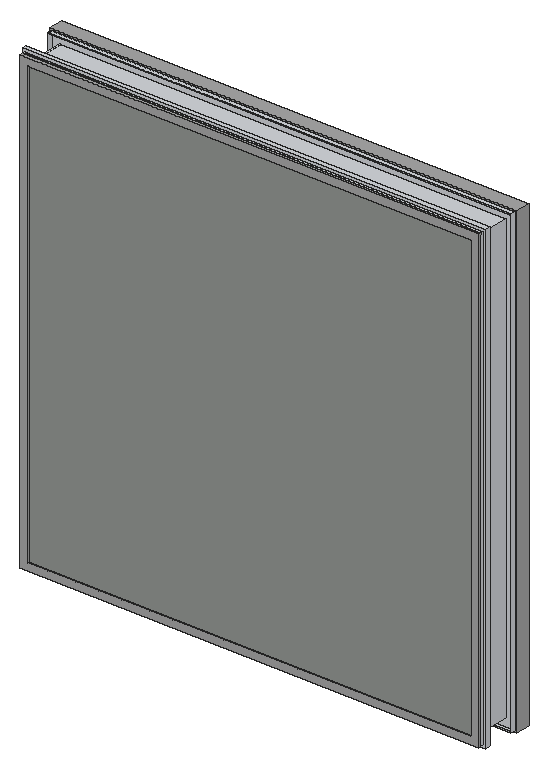
Revit family
Parameters
  Weight = "4.5 lb/sq.ft."  # constant formula
  Warranty = "All materials and workmanship are warranted for a period of 1 year from date of completion."  # constant formula
  URL = "http://www.industriallouvers.com"
  Surface Finish = "Aluminum, Anodized, or Kynar finish"  # constant formula
  Support Material = Aluminum
  Subcategory = "Adjustable and Combo"  # constant formula
  Static Pressure Loss = ""
  Specifications  URL = "http://www.industriallouvers.com/downloads/Adjustable%20&%20Combo/470_SD.doc"
  Screen Width [instance] = Louver Width - 0' 0 1/2"  # 3' - 11 1/2"
  Screen Material = Screen Material
  Screen Height [instance] = Louver Height - 0' 0 1/2" + 0' 0 9/64"  # 3' - 11 41/64"
  SMARTBIM URL = "http://www.SMARTBIM.com"
  SMARTBIM Object Version = 3  # constant formula
  SMARTBIM Object Created By = "SMARTBIM, LLC"  # constant formula
  SMARTBIM Contact = "mailto:SMARTBIM@SMARTBIM.com"
  Product Submittal URL = "http://www.industriallouvers.com/downloads/Adjustable%20&%20Combo/470_PS.pdf"
  Product Page URL = "http://www.industriallouvers.com/lv_ac.php"
  Number of Blades [instance] = (Louver Height - 0' 8 5/8") / 0' 6"  # 7
  Model = "470"  # constant formula
  Minimum Height = 1' - 0"  # constant formula
  Maximum Water Penetration = ""
  Maximum Size - Single Section [instance] = "Not to exceed 60\" x 120\" or 300 lbs"
  Material = "Aluminum"  # constant formula
  Manufacturer Toll Free Phone = "1-800-328-3421"  # constant formula
  Manufacturer Phone = "763-972-2981"  # constant formula
  Manufacturer Fax = "763-972-2911"  # constant formula
  Manufacturer Email = "mailto:ilinfo@industriallouvers.com"
  Manufacturer Address = "511 S. 7th Street, Delano, MN 55328"  # constant formula
  Manufacturer = "Industrial Louvers, Inc."  # constant formula
  Maintenance = "http://www.industriallouvers.com/prod-forms/Maintenance%20Instructions.pdf"
  Louver Width [instance] = 4' - 0"
  Louver Height [instance] = 4' - 0"
  Installation URL = "http://www.industriallouvers.com/downloads/Adjustable%20&%20Combo/470_II.pdf"
  Height [instance] = if(Louver Height < 1' 6", 1' 6", Louver Height + 0' 0 1/8")  # 4' - 0 1/8"
  Free Area for 48”x48” Louver = "42.5%"  # constant formula
  Free Area (ft²) for 48" x 48" Louver = "6.8"  # constant formula
  Frame Material = Aluminum
  Fill Material = Product Filling
  Description = "Adjustable and Combo"  # constant formula
  Depth = 0' - 4"  # constant formula
  Default Elevation = 4' - 0"
  Cost Info = "Contact Factory"  # constant formula
  CAD Drawings = "http://www.industriallouvers.com/downloads/Adjustable%20&%20Combo/470_ACD.dwg"
  Blade Width [instance] = Louver Width - 0' 2 1/8"  # 3' - 9 7/8"
  Blade Start Height [instance] = 0' 1" + (((Louver Height - Blade Region Height) / 2) / 2) - 0' 0 5/64"  # 0' - 4 51/64"
  Blade Region Height [instance] = (Blade Count) * 0' 6 1/2" - 0' 6 1/2"  # 2' - 8 1/2"
  Blade Material = Aluminum
  Blade Count [instance] = if(((Louver Height - 0' 5 1/2") / 0' 5") < 2, 2, ((Louver Height - 0' 8 5/8") / 0' 6")) - 1  # 6
  Assembly Code = "B2010300"
  95 CSI = "10200"  # constant formula
  04 CSI = "08 91 00"  # constant formula
Reference planes (in)
  plane 1 "Center (Front/Back)": y = 0
  plane 2: z = 0
  plane 3 "Center (Left/Right)": x = 0
  plane 4: x = -24.2
  plane 5 "Back of Blade": y = 2
  plane 6: z = 1.9087
  plane 7: z = 48.47554
  plane 8: z = 48.47554
  plane 9 "Back of Screen": y = 2.345
  plane 10: y = 2.47
  plane 11: y = 3.845
  plane 12 "Front of Louver": y = -2
  plane 13: z = 24.30027
  plane 14: x = -23
  plane 15: y = -2
  plane 16: z = 24.30027
  plane 17: z = 0.1587
  plane 18: z = 45.94429
  plane 19: z = 47.55027
  plane 20: x = -24
  plane 21 "Bottom": z = 0.30027
  plane 22 "Top": z = 48.30027
  plane 23: x = 24.2
  plane 24: x = 23
  plane 25: x = 24
  plane 26: y = -2.34375
Forms (in)
  Sweep 1, solid, material "Aluminum" <- "Support Material"
    path origin (0, 0, 0) x (1, 0, 0) y (0, 0, 1)
      loop
        line (-24.2, 48.47554) -> (-24.2, 0) -> (24.2, 0) -> (24.2, 48.47554) -> (-24.2, 48.47554)
    profile origin (0, 0, 48.47554) x (0, 0, 1) y (0, -1, 0)
      loop
        line (-1.5, -2.05) -> (-1.5, -2.175) -> (-0.125, -2.175) -> (-0.125, -3.55) -> (0, -3.55) -> (0, -2.05) -> (-1.5, -2.05)
  Extrusion 2, solid, material "Aluminum" <- "Blade Material"
    sketch origin (0, 0, 0) x (0, 1, 0) y (0, 0, 1)
      loop
        line (1.30242, 1.1587) -> (1.30242, 1.24335) -> (0.29557, 1.24335) -> (0.16105, 1.65303) -> (0.19145, 1.66302) -> (0.00678, 2.22547) -> (-0.101, 2.19009) -> (-0.23369, 2.71622) -> (-0.26472, 2.7084) -> (-0.1333, 2.18729) -> (0.05369, 1.61778) -> (0.08409, 1.62777) -> (0.23811, 1.1587) -> (1.30242, 1.1587)
    from -23 to 23
  Sweep 3, solid
    path origin (0, 0, 0) x (1, 0, 0) y (0, 0, 1)
      loop
        line (24, 48.30027) -> (-24, 48.30027) -> (-24, 0.1587) -> (24, 0.1587) -> (24, 48.30027)
    profile origin (0, 0, 48.30027) x (0, 0, -1) y (0, -1, 0)
      loop
        line (1, -2) -> (1, 2.00003) -> (0.25, 2.00003) -> (0.25, 1.75) -> (0, 1.75) -> (0, 1.25) -> (0.05, 1.25) -> (0.05, 1.67) -> (0.33, 1.67) -> (0.33, 1.92) -> (0.92, 1.92) -> (0.92, -1.97) -> (0.05, -1.97) -> (0.05, -1.55) -> (0, -1.55) -> (0, -2.05) -> (2, -2.05) -> (2, -2) -> (1, -2)
  Extrusion 4, solid
    sketch origin (0, 0, 0) x (0, 1, 0) y (0, 0, 1)
      loop
        line (-0.98459, 47.30027) -> (-0.17361, 45.9928) -> (-0.09004, 46.04128) -> (-0.82134, 47.22029) -> (0.20139, 47.22029) -> (0.20139, 47.30027) -> (-0.98459, 47.30027)
    from -23 to 23
  Extrusion 5, solid
    sketch origin (19.8125, 1.75927, 44.65778) x (0, 0.932051, -0.362326) y (0, -0.362326, -0.932051)
      loop
        line (16.85393, 36.21872) -> (15.92187, 36.58104) -> (1.01185, -1.77365) -> (1.9439, -2.13598) -> (16.85393, 36.21872)
    from 0 to 0.125
Dimensions and locks (in)
  locked: plane 6 to level at 1.9087
  locked: plane 11 to plane 9 "Back of Screen" at 1.5
  locked: plane 10 to plane 9 "Back of Screen" at 0.125
  locked: plane 9 "Back of Screen" to plane 5 "Back of Blade" at 0.345
  equal spacing: plane 5 "Back of Blade", plane 1 "Center (Front/Back)", plane 15
  plane 5 "Back of Blade" to plane 15 = 0' - 4"
  locked: plane 4 to plane 14 at 1.2
  locked: plane 17 to level at 0.1587
  locked: plane 7 to plane 18 at 2.53125
  equal spacing: group 1, group 3, group 4, group 5, group 6, group 2  (x3)
  locked: plane 8 to plane 19 at 0.92527
  locked: plane 4 to plane 20 at 0.2
  locked: plane 22 "Top" to plane 8 at 0.17527
  plane 21 "Bottom" to plane 6 = 0' - 1.60843"
  locked: plane 23 to plane 24 at 1.2
  locked: plane 23 to plane 25 at 0.2
  equal spacing: plane 20, plane 3 "Center (Left/Right)", plane 25
  "Louver Width": plane 20 to plane 25
  Sweep 3 sketch curve to Sweep 3 sketch curve to Sweep 3 sketch curve to Sweep 3 sketch curve to Sweep 3 sketch curve to Sweep 3 sketch curve to plane 22 "Top" = 0' - 1" locked, 0' - 0.08" locked, 0' - 0.59" locked, 0' - 0.08" locked, 0' - 0.2" locked, 0' - 0.05" locked
  equal spacing: plane 22 "Top", plane 16, plane 21 "Bottom"
  "Louver Height": plane 22 "Top" to plane 21 "Bottom"
  aligned and locked: Sweep 1 sketch curve to plane 8
  aligned and locked: Sweep 1 sketch curve to level
  aligned and locked: Sweep 1 sketch curve to plane 4
  aligned and locked: plane 3 "Center (Left/Right)" to nested 1
  aligned and locked: plane 16 to plane 13
  aligned and locked: plane 3 "Center (Left/Right)" to nested 2
  aligned and locked: plane 6 to nested 2
  aligned and locked: nested 2 to plane 5 "Back of Blade"
  aligned and locked: nested 3 to plane 5 "Back of Blade"
  aligned and locked: plane 23 to Sweep 1 sketch curve
  aligned and locked: Sweep 3 sketch curve to plane 22 "Top"
  aligned and locked: Sweep 3 sketch curve to plane 20
  aligned and locked: plane 25 to Sweep 3 sketch curve
  aligned and locked: Sweep 3 sketch curve to plane 17
  aligned and locked: Extrusion 4 to Sweep 3  (x2)
  aligned and locked: plane 22 "Top" to Sweep 3 sketch curve  (x2)
  aligned and locked: Sweep 3 sketch curve to Sweep 3 sketch curve
  aligned and locked: Extrusion 2 to plane 24
  aligned and locked: Extrusion 2 to plane 14
  aligned and locked: nested 1 to plane 15
  aligned and locked: nested 1 to plane 26
  aligned and locked: nested 1 to Sweep 3
  aligned and locked: nested 3 to Extrusion 5 sketch curve
  aligned and locked: nested 2 to Extrusion 5 sketch curve
  aligned and locked: Sweep 1 to Sweep 3
  aligned and locked: plane 18 to nested 3
  aligned and locked: plane 8 to plane 7
Automatic sketch dimensions
  profile plane to Sweep 1 sketch curve = 0' - 0"
  Sweep 1 sketch curve to Sweep 1 sketch curve = 0' - 0 1/8"  (x2)
  Sweep 1 sketch curve to Sweep 1 sketch curve = 0' - 1 3/8"  (x2)
  Sweep 1 sketch curve to plane 1 "Center (Front/Back)" = 0' - 3.55"
  Sweep 3 sketch curve to plane 1 "Center (Front/Back)" = 0' - 2.05"
  Sweep 3 sketch curve to Sweep 3 sketch curve = 0' - 0.05"
  Sweep 3 sketch curve to Sweep 3 sketch curve = 0' - 0.03"
  Sweep 3 sketch curve to Sweep 3 sketch curve = 0' - 0.42"  (x2)
  plane 1 "Center (Front/Back)" to Sweep 3 sketch curve = 0' - 1 1/4"
  Sweep 3 sketch curve to Sweep 3 sketch curve = 0' - 0.08"
  Sweep 3 sketch curve to Sweep 3 sketch curve = 0' - 0.17"
  Sweep 3 sketch curve to Sweep 3 sketch curve = 0' - 0.08003"
  Extrusion 4 sketch curve to plane 1 "Center (Front/Back)" = 0' - 0.20139"
  Extrusion 4 sketch curve to plane 19 = 0' - 0.32998"
  Extrusion 4 sketch curve to Extrusion 4 sketch curve = 0' - 0.07998"
  plane 1 "Center (Front/Back)" to Extrusion 4 sketch curve = 0' - 0.82134"
  plane 1 "Center (Front/Back)" to Extrusion 4 sketch curve = 0' - 0.09004"
  Extrusion 4 sketch curve to Extrusion 4 sketch curve = 0' - 1.17902"
  Extrusion 4 sketch curve to Extrusion 4 sketch curve = 0' - 0.16325"
  Extrusion 4 sketch curve to Extrusion 4 sketch curve = 0' - 0.08357"
  Extrusion 4 sketch curve to Extrusion 4 sketch curve = 0' - 0.04847"
  Extrusion 2 sketch curve to plane 5 "Back of Blade" = 0' - 0.69758"
  Extrusion 2 sketch curve to plane 1 "Center (Front/Back)" = 0' - 0.19145"
  Extrusion 2 sketch curve to Extrusion 2 sketch curve = 0' - 0.0304"  (x2)
  Extrusion 2 sketch curve to Extrusion 2 sketch curve = 0' - 0.07696"
  Extrusion 2 sketch curve to Extrusion 2 sketch curve = 0' - 0.15401"
  Extrusion 2 sketch curve to plane 1 "Center (Front/Back)" = 0' - 0.00678"
  Extrusion 2 sketch curve to Extrusion 2 sketch curve = 0' - 0.0323"
  plane 1 "Center (Front/Back)" to Extrusion 2 sketch curve = 0' - 0.23369"
  Extrusion 2 sketch curve to Extrusion 2 sketch curve = 0' - 0.03103"
  Extrusion 2 sketch curve to plane 21 "Bottom" = 0' - 0.85843"
  Extrusion 2 sketch curve to Extrusion 2 sketch curve = 0' - 0.00998"  (x2)
  Extrusion 2 sketch curve to Extrusion 2 sketch curve = 0' - 0.03525"
  Extrusion 2 sketch curve to Extrusion 2 sketch curve = 0' - 0.05746"
  level to Extrusion 2 sketch curve = 0' - 2.18729"
  nested 3 to Extrusion 5 sketch curve = 0' - 1.77365"
  Extrusion 5 sketch curve to Extrusion 5 sketch curve = 0' - 0.93205"
Nested families (in)
  nested 1: "Louver Screen" at (18, -2.34375, 0.40964), Width <- "Screen Width", Height <- "Screen Height", type "Louver Screen"
    with Width 3' - 11 1/2", Height 3' - 11 41/64", Depth 0' - 0 11/32"
  nested 2: "Louver-Blade_470_IndustrialLouver" at (0, 2, 1.9087), type "Louver-Blade_470_IndustrialLouver"
    with Width 3' - 9 7/8"
  nested 3: "Louver-Blade_470_IndustrialLouver" at (0, 2, 40.17478), type "Louver-Blade_470_IndustrialLouver"
    with Width 3' - 9 7/8"
  nested 4: "Louver-Blade_470_IndustrialLouver" at (0, 2, 9.56192), type "Louver-Blade_470_IndustrialLouver"
    with Width 3' - 9 7/8"
  nested 5: "Louver-Blade_470_IndustrialLouver" at (0, 2, 17.21513), type "Louver-Blade_470_IndustrialLouver"
    with Width 3' - 9 7/8"
  nested 6: "Louver-Blade_470_IndustrialLouver" at (0, 2, 24.86835), type "Louver-Blade_470_IndustrialLouver"
    with Width 3' - 9 7/8"
  nested 7: "Louver-Blade_470_IndustrialLouver" at (0, 2, 32.52157), type "Louver-Blade_470_IndustrialLouver"
    with Width 3' - 9 7/8"
Connectors (in)
  hvac at (0, 2.05, 24.23777), driven by "Louver Width", driven by "Louver Height"
    settings: on Sweep 1, index 1
Definition of nested family "Louver Screen"
  Parameters (values of type "Louver Screen")
    Width [instance] = 5' - 0"
    Screen Frame = Aluminum
    Screen = Screen Material
    Height [instance] = 2' - 0"
    Depth [instance] = 0' - 0 115/256"
  Reference planes (in)
    plane 1 "Front": y = 0
    plane 2: z = 0
    plane 3 "Center (Left/Right)": x = -18
    plane 4: x = -48
    plane 5: x = 12
    plane 6: z = 24
    plane 7: x = -47.25
    plane 8: x = 11.25
    plane 9: z = 23.25
    plane 10: z = 0.75
    plane 11 "Back": y = 0.44922
    plane 12 "Center (Front/Back)": y = 0.22461
    plane 13: y = 0.19336
    plane 14: y = 0.25586
  Forms (in)
    Sweep 1, solid, material "Aluminum" <- "Screen Frame"
      path origin (0, 0, 0) x (1, 0, 0) y (0, 0, 1)
        loop
          line (-48, 24) -> (-48, 0) -> (12, 0) -> (12, 24) -> (-48, 24)
      profile origin (-18, 0, 24) x (0, 0, 1) y (0, -1, 0)
        loop
          line (0, 0) -> (-0.75, 0) -> (-0.75, -0.44922) -> (0, -0.44922) -> (0, 0)
    Extrusion 2, solid, material "Screen Material" <- "Screen"
      sketch origin (0, 0, 0) x (1, 0, 0) y (0, 0, 1)
        loop
          line (-47.25, 0.75) -> (11.25, 0.75) -> (11.25, 23.25) -> (-47.25, 23.25) -> (-47.25, 0.75)
      from -0.19336 to -0.25586
  Dimensions and locks (in)
    equal spacing: plane 4, plane 3 "Center (Left/Right)", plane 5
    "Width": plane 4 to plane 5
    "Height": plane 6 to level
    locked: Sweep 1 sketch curve to Sweep 1 sketch curve at 0.75
    locked: plane 6 to plane 9 at 0.75
    locked: plane 4 to plane 7 at 0.75
    locked: plane 5 to plane 8 at 0.75
    locked: plane 10 to level at 0.75
    "Depth": plane 1 "Front" to plane 11 "Back"
    equal spacing: plane 1 "Front", plane 12 "Center (Front/Back)", plane 11 "Back"
    plane 14 to plane 12 "Center (Front/Back)" to plane 13 = 0' - 0 1/32" locked, 0' - 0 1/32" locked
    aligned and locked: Sweep 1 sketch curve to plane 6
    aligned and locked: Sweep 1 sketch curve to plane 4
    aligned and locked: Sweep 1 sketch curve to level
    aligned and locked: Sweep 1 sketch curve to plane 5
    aligned and locked: Extrusion 2 sketch curve to plane 7
    aligned and locked: Extrusion 2 sketch curve to plane 9
    aligned and locked: Extrusion 2 sketch curve to plane 10
    aligned and locked: Extrusion 2 sketch curve to plane 8
    aligned and locked: plane 11 "Back" to Sweep 1
    aligned and locked: plane 1 "Front" to Sweep 1 sketch curve
    aligned and locked: plane 11 "Back" to Sweep 1 sketch curve
    aligned and locked: plane 14 to Extrusion 2
    aligned and locked: Extrusion 2 to plane 13
  Automatic sketch dimensions
    profile plane to Sweep 1 sketch curve = 0' - 0"
Definition of nested family "Louver-Blade_470_IndustrialLouver"
  Parameters (values of type "Louver-Blade_470_IndustrialLouver")
    Width = 3' - 10"
    Fill Material = Product Filling
    Blade Material = Aluminum
    Assembly Code = ""
  Reference planes (in)
    plane 1 "Center (Front/Back)": y = 0
    plane 2: z = 0
    plane 3 "Center (Left/Right)": x = 0
    plane 4: x = -23
    plane 5: x = 23
    plane 6: z = 5.76951
    plane 7: z = 2.88475
    plane 8: x = 20
    plane 9: x = 19.875
  Forms (in)
    Extrusion 1, solid, material "Aluminum" <- "Blade Material"
      sketch origin (0, 0, 0) x (0, 1, 0) y (0, 0, 1)
        loop
          line (-3.87, 0.96686) -> (-2.07446, 2.76241)
          arc (-2.07446, 2.76241) -> (-1.89751, 2.7105) -> (-1.72882, 2.78497) r 0.2685
          arc (-1.72882, 2.78497) -> (-1.73381, 2.8467) -> (-1.79332, 2.82955) r 0.04
          line (-1.79332, 2.82955) -> (-2.07467, 2.88014)
          arc (-2.07467, 2.88014) -> (-2.08117, 3.06529) -> (-1.92543, 3.16564) r 0.1875
          line (-1.92543, 3.16564) -> (-1.7233, 2.9635)
          arc (-1.7233, 2.9635) -> (-1.70341, 2.90485) -> (-1.64988, 2.93599) r 0.04
          arc (-1.64988, 2.93599) -> (-1.6541, 3.04188) -> (-1.69898, 3.13789) r 0.2685
          line (-1.69898, 3.13789) -> (-0.92772, 3.90914) -> (-0.8358, 3.81721) -> (-0.72125, 3.93177)
          arc (-0.72125, 3.93177) -> (-0.72125, 3.96712) -> (-0.7566, 3.96712) r 0.025
          line (-0.7566, 3.96712) -> (-0.82731, 3.89641) -> (-0.88388, 3.95298) -> (-0.17678, 4.66009) -> (-0.12021, 4.60352) -> (-0.19092, 4.53281)
          arc (-0.19092, 4.53281) -> (-0.19092, 4.49745) -> (-0.15556, 4.49745) r 0.025
          line (-0.15556, 4.49745) -> (-0.04101, 4.612) -> (-0.13294, 4.70393) -> (0, 4.83686) -> (0, 5.74451)
          arc (0, 5.74451) -> (-0.01543, 5.7676) -> (-0.04268, 5.76219) r 0.025
          line (-0.04268, 5.76219) -> (-0.24466, 5.5602) -> (-0.26729, 5.58283) -> (-1.06066, 4.78946) -> (-1.03803, 4.76683) -> (-0.66327, 5.1416) -> (-0.58336, 5.06169) -> (-0.16476, 5.4803) -> (-0.18738, 5.50293) -> (-0.081, 5.60931) -> (-0.081, 4.869) -> (-1.75554, 3.19446)
          arc (-1.75554, 3.19446) -> (-2.10486, 3.16829) -> (-2.13102, 2.81898) r 0.2685
          line (-2.13102, 2.81898) -> (-3.95, 1) -> (-3.95, 0) -> (-3.87, 0) -> (-3.87, 0.96686)
      from -23 to 23
    Extrusion 2, solid, material "Aluminum" <- "Blade Material"
      sketch origin (0, 0, 0) x (0, 1, 0) y (0, 0, 1)
        loop
          line (-0.24073, 4.48299) -> (-0.12021, 4.60352) -> (-0.17678, 4.66009) -> (-0.88388, 3.95298) -> (-0.82731, 3.89641) -> (-0.71602, 4.00771) -> (0.73438, 3.44388) -> (1.87489, 3.44388)
          arc (1.87489, 3.44388) -> (2.28471, 3.83401) -> (1.80288, 4.13065) r 0.3571
          line (1.80288, 4.13065) -> (0.99566, 4.00235) -> (-0.24073, 4.48299)
        loop
          circle (1.87316, 3.77755) r 0.11438
      from 19.875 to 20
  Dimensions and locks (in)
    equal spacing: plane 4, plane 3 "Center (Left/Right)", plane 5
    "Width": plane 4 to plane 5
    equal spacing: plane 6, plane 7, level
    plane 6 to level = 0' - 5.76951"
    locked: plane 9 to plane 8 at 0.125
    locked: plane 8 to plane 5 at 3
    aligned and locked: Extrusion 1 to plane 4
    aligned and locked: plane 5 to Extrusion 1
    aligned and locked: plane 8 to Extrusion 2
    aligned and locked: Extrusion 2 to plane 9
  Automatic sketch dimensions
    Extrusion 1 sketch curve to Extrusion 1 sketch curve = 0' - 0"  (x14)
    Extrusion 1 sketch curve to plane 1 "Center (Front/Back)" = 0' - 0"
    plane 1 "Center (Front/Back)" to Extrusion 1 sketch curve = 0' - 0.025"
    plane 1 "Center (Front/Back)" to Extrusion 1 sketch curve = 0' - 0.04101"
    Extrusion 1 sketch curve to Extrusion 1 sketch curve = 0' - 0.01768"  (x6)
    plane 1 "Center (Front/Back)" to Extrusion 1 sketch curve = 0' - 0.081"
    Extrusion 1 sketch curve to Extrusion 1 sketch curve = 0' - 0.0792"  (x2)
    Extrusion 1 sketch curve to Extrusion 1 sketch curve = 0' - 0.01273"
    Extrusion 1 sketch curve to Extrusion 1 sketch curve = 0' - 0.03536"  (x2)
    Extrusion 1 sketch curve to Extrusion 1 sketch curve = 0' - 0.08376"
    Extrusion 1 sketch curve to Extrusion 1 sketch curve = 0' - 0.04384"  (x4)
    Extrusion 1 sketch curve to Extrusion 1 sketch curve = 0' - 0.02263"  (x4)
    Extrusion 1 sketch curve to Extrusion 1 sketch curve = 0' - 0.05728"
    Extrusion 1 sketch curve to Extrusion 1 sketch curve = 0' - 0.50236"
    Extrusion 1 sketch curve to Extrusion 1 sketch curve = 0' - 0.0799"
    plane 1 "Center (Front/Back)" to Extrusion 1 sketch curve = 0' - 0.72125"
    Extrusion 1 sketch curve to Extrusion 1 sketch curve = 0' - 0.11455"
    Extrusion 1 sketch curve to Extrusion 1 sketch curve = 0' - 0.00849"  (x2)
    Extrusion 1 sketch curve to Extrusion 1 sketch curve = 0' - 0.05657"  (x4)
    Extrusion 1 sketch curve to Extrusion 1 sketch curve = 0' - 0.37477"
    Extrusion 1 sketch curve to Extrusion 1 sketch curve = 0' - 0.72215"
    Extrusion 1 sketch curve to Extrusion 1 sketch curve = 0' - 0.0395"
    Extrusion 1 sketch curve to Extrusion 1 sketch curve = 0' - 0.0096"
    Extrusion 1 sketch curve to Extrusion 1 sketch curve = 0' - 0.03392"
    Extrusion 1 sketch curve to Extrusion 1 sketch curve = 0' - 0.03944"
    Extrusion 1 sketch curve to Extrusion 1 sketch curve = 0' - 0.02774"
    Extrusion 1 sketch curve to Extrusion 1 sketch curve = 0' - 0.03677"
    Extrusion 1 sketch curve to Extrusion 1 sketch curve = 0' - 0.1917"
    Extrusion 1 sketch curve to Extrusion 1 sketch curve = 0' - 0.16989"
    Extrusion 1 sketch curve to Extrusion 1 sketch curve = 0' - 0.15946"
    Extrusion 1 sketch curve to Extrusion 1 sketch curve = 0' - 0.00022"
    level to Extrusion 1 sketch curve = 0' - 0.96686"
    Extrusion 1 sketch curve to Extrusion 1 sketch curve = 0' - 1.79554"  (x2)
    Extrusion 1 sketch curve to Extrusion 1 sketch curve = 0' - 0.08"
    Extrusion 1 sketch curve to Extrusion 1 sketch curve = 0' - 0.03314"
    Extrusion 1 sketch curve to Extrusion 1 sketch curve = 0' - 0.1222"
    Extrusion 1 sketch curve to Extrusion 1 sketch curve = 0' - 0.13294"
    Extrusion 1 sketch curve to Extrusion 1 sketch curve = 0' - 0.03214"
    Extrusion 1 sketch curve to level = 0' - 0"
    Extrusion 1 sketch curve to Extrusion 1 sketch curve = 0' - 0.02256"
    Extrusion 1 sketch curve to Extrusion 1 sketch curve = 0' - 0.06116"
    Extrusion 1 sketch curve to Extrusion 1 sketch curve = 0' - 0.67933"
    Extrusion 1 sketch curve to Extrusion 1 sketch curve = 0' - 0.10607"
    Extrusion 1 sketch curve to Extrusion 1 sketch curve = 0' - 0.81385"
    plane 1 "Center (Front/Back)" to Extrusion 2 sketch curve = 0' - 0.24073"
    Extrusion 2 sketch curve to plane 1 "Center (Front/Back)" = 0' - 0.99566"
    Extrusion 2 sketch curve to Extrusion 2 sketch curve = 0' - 0.80722"
    plane 7 to Extrusion 2 sketch curve = 0' - 1.1176"
    Extrusion 2 sketch curve to Extrusion 2 sketch curve = 0' - 0.12829"
    Extrusion 2 sketch curve to plane 6 = 0' - 1.28652"
    Extrusion 2 sketch curve to Extrusion 2 sketch curve = 0' - 0.07201"
    Extrusion 2 sketch curve to Extrusion 2 sketch curve = 0' - 0.12667"
    Extrusion 2 sketch curve to Extrusion 2 sketch curve = 0' - 0.33388"
    Extrusion 2 sketch curve to Extrusion 2 sketch curve = 0' - 0.26128"
    Extrusion 2 sketch curve to Extrusion 2 sketch curve = 0' - 0.47529"  (x2)
    Extrusion 2 sketch curve to Extrusion 2 sketch curve = 0' - 0.16786"
    plane 1 "Center (Front/Back)" to Extrusion 2 sketch curve = 0' - 0.17678"
    Extrusion 2 sketch curve to Extrusion 2 sketch curve = 0' - 0.05657"  (x2)
    Extrusion 2 sketch curve to Extrusion 2 sketch curve = 0' - 0.05473"
    Extrusion 2 sketch curve to Extrusion 2 sketch curve = 0' - 0.12053"
